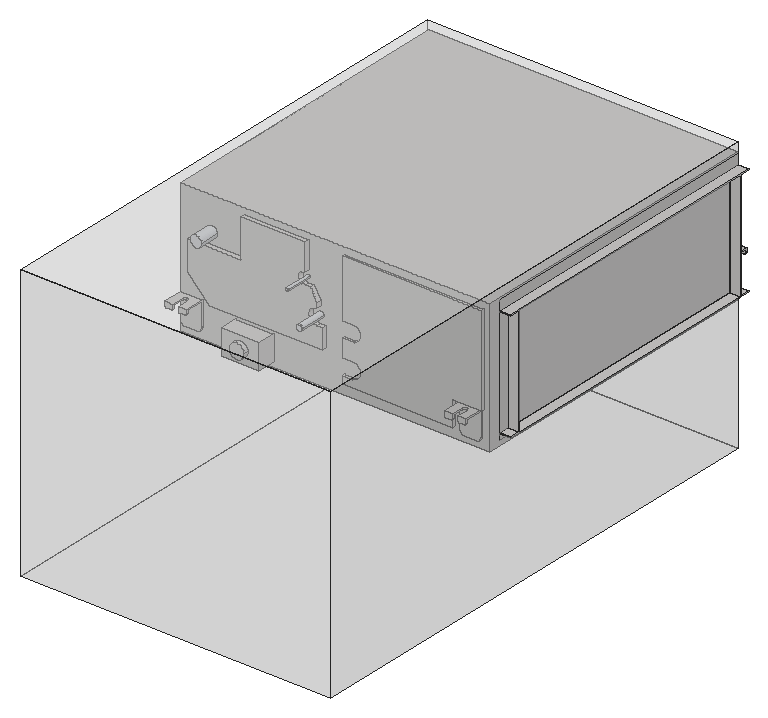
Revit family "outputfile", category 機械設備, Revit 2024
Family settings
  丸型コネクタ寸法 = 半径を使用
  パーツ タイプ = 標準
  OmniClass 番号 = 23.75.10.24.21.27.27
  OmniClass タイトル = Split System Air Conditioning Units
  作業面ベース = いいえ
  常に垂直 = はい
  ロード時にボイドで切り取り = いいえ
  注釈の向きを維持 = いいえ
  共有 = いいえ
  部屋計算ポイント = はい
Parameters (values of type "FXMQ40PAVS")
  Description = ""
  製造元 = "Daikin"
  書き出し IFC クラス(タイプ) = "IfcUnitaryEquipmentType"
  定義済み IFC タイプ(タイプ) = "AIRCONDITIONINGUNIT"
  Cost = 0
  モデル = "FXMQ40PAVS"
  Type Comments = ""
  Keynote = ""
  Type Image = (empty or 0)
  Assembly Code = ""
  r_Liquid Pipe Size = Liquid Pipe Size / 2  # 3.2 mm
  r_Gas Pipe Size = Gas Pipe Size / 2  # 6.35 mm
  r_Drain Pipe Size = Drain Pipe Size / 2  # 12.5 mm
  lw_power = 396.0 mm  # constant formula
  lh_SA = 165.0 mm  # constant formula
  lw_SA = if(Depth = 550.0 mm, 210.0 mm, if(Depth = 700.0 mm, 285.0 mm, if(Depth = 1000.0 mm, 435.0 mm, 635.0 mm)))  # 285.0 mm
  lw_RA = if(Depth = 550.0 mm, 288.0 mm, if(Depth = 700.0 mm, 363.0 mm, if(Depth = 1000.0 mm, 513.0 mm, 713.0 mm)))  # 363.0 mm
  lh_power = 60.0 mm + [h***]  # 60.0 mm
  lh_mountinghole1 = lh_mountinghole + [h***]  # 80.0 mm
  lh_RA = 150.0 mm  # constant formula
  ld_power = Depth / 2  # 350.0 mm
  Voltage_comment_50Hz = "220-240"
  Voltage_50Hz = 220 V
  URL = ""
  Supply Air Direction [instance] = yes
  Sound Power Level_H speed (dB) = 57
  Phase_50Hz = 1
  Minimum External Static Pressure = 30.00 Pa
  Minimum Circuit Amps_50Hz = 1.4 A
  Maximum Fuse Amps_50Hz = 16.0 A
  Maximum External Static Pressure = 160.00 Pa
  Material_Casing = DAIKIN_GalvanizedSteel_Casing_indoorunit
  lw_mountinghole = 631.0 mm  # constant formula
  lh_gaspipe = 144.0 mm + [h***]  # 144.0 mm
  lh_mountinghole = 80.0 mm  # constant formula
  lh_liquidpipe = 212.0 mm + [h***]  # 212.0 mm
  lh_drainpipe = 232.0 mm + [h***]  # 232.0 mm
  lh_antena = Height - lh_mountinghole + 1.0 mm  # 221.0 mm
  ld_drainpipe = Depth / 2 + 54.0 mm  # 404.0 mm
  ld_liquidpipe = 410.0 mm
  ld_gaspipe = 410.0 mm
  ld_mountinghole = Depth + 38.0 mm  # 738.0 mm
  h*** = 0.0 mm  # constant formula
  lw_liquidpipe = 290.0 mm  # constant formula
  lw_gaspipe = 318.0 mm  # constant formula
  lw_drainpipe = 80.0 mm  # constant formula
  Width = 700.0 mm
  Version = "ver.1.0"
  Unit Type = "Middle-High Static Pressure Duct Type"
  Unit Mass Weight = 27.00 kg
  Unit Designation [instance] = ""
  Uniclass2015Version = "Products v1.30"
  Uniclass2015Title = "Variable refrigerant flow units"
  Uniclass2015Code = "Pr_70_65_03_94"
  Total Heating Capacity [instance] = 0.000 kW
  Total Cooling Capacity [instance] = 0.000 kW
  Sound Pressure Level_M speed (dBA) = 0
  Sound Pressure Level_L speed (dBA) = 35
  Sound Pressure Level_H speed (dBA) = 39
  Series = "VRV Fan Coil Unit"
  Sensible Cooling Capacity [instance] = 0.000 kW
  SA Duct Size Width = if(Depth = 550.0 mm, 310.0 mm, if(Depth = 700.0 mm, 460.0 mm, if(Depth = 1000.0 mm, 760.0 mm, 1160.0 mm)))  # 460.0 mm
  SA Duct Size Height = 215.0 mm
  Refrigerant Type = "R410A"
  RA Duct Size Width = if(Depth = 550.0 mm, 475.0 mm, if(Depth = 700.0 mm, 625.0 mm, if(Depth = 1000.0 mm, 925.0 mm, 1325.0 mm)))  # 625.0 mm
  RA Duct Size Height = 247.0 mm
  Power Input (Heating) = 0.182 kW
  Power Input (Cooling) = 0.194 kW
  Option Accessory 3 [instance] = ""
  Option Accessory 2 [instance] = ""
  Option Accessory 1 [instance] = ""
  Nominal Heating Capacity = 5.000 kW
  Nominal Cooling Capacity = 4.500 kW
  Minimum Airflow = 660.00 m³/h
  Median Airflow = 780.00 m³/h
  Maximum Airflow = 960.00 m³/h
  Load Classification = HVAC
  Liquid Pipe Size = 6.4 mm
  Link_Nested Family [instance] = ""
  IfcVersion = "0"
  IfcExportType = "AIRCONDITIONINGUNIT"
  IfcExportAs = "IfcUnitaryEquipmentType"
  Height = 300.0 mm
  Heating Entering Wet Bulb Temperature [instance] = 0.00 °C
  Heating Entering Dry Bulb Temperature [instance] = 0.00 °C
  Heating Ambient Wet Bulb Temperature [instance] = 0.00 °C
  Heating Ambient Dry Bulb Temperature [instance] = 0.00 °C
  Heat Exchanger Type = "Cross Fin Coil"
  Gas Pipe Size = 12.7 mm
  Frequency_50Hz = 50 Hz
  Fan Type = "Sirocco Fan"
  Fan Drive = "Direct Drive"
  FCU Tag No. [instance] = ""
  Drain Pipe Size = 25.0 mm
  Design Supply Airflow [instance] = 0.00 m³/h
  Design Return Airflow [instance] = 0.00 m³/h
  Design External Static Pressure [instance] = 0.00 Pa
  Depth = 700.0 mm
  既定の高さ = 0.0 mm
  Cooling Entering Wet Bulb Temperature [instance] = 0.00 °C
  Cooling Entering Dry Bulb Temperature [instance] = 0.00 °C
  Cooling Ambient Wet Bulb Temperature [instance] = 0.00 °C
  Cooling Ambient Dry Bulb Temperature [instance] = 0.00 °C
  Clearance visibility [instance] = yes
  Clearance Top = 20.0 mm
  Clearance Right = 0.0 mm
  Clearance Rear = 0.0 mm
  Clearance Left = 0.0 mm
  Clearance Front = 450.0 mm
  Clearance Bottom = 300.0 mm
Reference planes
  plane 1 "Center (Front/Back)": y = 0
  plane 2 "h": z = 0
  plane 3 "Center (Left/Right)": x = 0
  plane 4 "Back": y = 350
  plane 5 "Front": y = -350
  plane 6 "Left": x = -350
  plane 7 "Reight": x = 350
  plane 8 "Top": z = 0
  plane 9 "Bottom": z = -300
  plane 10: y = -215
  plane 11: y = 350
  plane 12: y = -800
  plane 13: x = -350
  plane 14: x = 350
  plane 15: z = 20
  plane 16: z = -600
  plane 17: x = -350
  plane 18: z = -135
  plane 19: x = -349
  plane 20: x = 349
  plane 21: y = 65
  plane 22: y = 13
  plane 23: z = -150
  plane 24: y = -360.8
  plane 25: z = -14
  plane 26: z = -219
  plane 27: x = -324
  plane 28: x = -60
  plane 29: x = -20
  plane 30: z = -156
  plane 31: x = -32
  plane 32: z = -88
  plane 33: x = 23
  plane 34: x = 335
  plane 35: z = -15.8
  plane 36: z = -274.8
  plane 37: z = -219.8
  plane 38: x = 271
  plane 39: x = -223.3
  plane 40: x = -138.3
  plane 41: z = -232.7
  plane 42: z = -288.5
  plane 43: y = -391
  plane 44: x = -181
  plane 45: z = -260
  plane 46: y = -401
  plane 47: z = -163.8
  plane 48: z = -239.8
  plane 49: x = 46
  plane 50: z = -88
  plane 51: x = -60
  plane 52: y = -410
  plane 53: z = -156
  plane 54: x = -32
  plane 55: y = -404
  plane 56: z = -68
  plane 57: x = -270
  plane 58: x = -270
  plane 59: x = -60
  plane 60: x = -32
  plane 61: x = 46
  plane 62: x = -323
  plane 63: x = 308
  plane 64: y = -369
  plane 65: y = 369
  plane 66: z = -220
  plane 67: y = -356
  plane 68: x = -204
  plane 69: z = -100.2
  plane 70: x = -374
  plane 71: x = 374
Forms (mm)
  Extrusion 1, solid, material "DAIKIN_GalvanizedSteel_Casing_indoorunit" <- "Material_Casing"
    sketch origin (0, 0, 0) x (1, 0, 0) y (0, 1, 0)
      loop
        line (-349, 350) -> (-349, -350) -> (349, -350) -> (349, 350) -> (-349, 350)
    from -300 to 0
  Extrusion 2, solid, material "DAIKIN_GalvanizedSteel_Casing_indoorunit" <- "Material_Casing"
    sketch origin (0, 0, 0) x (1, 0, 0) y (0, 0, 1)
      loop
        line (-324, -100.2) -> (-324, -168) -> (-273, -219) -> (-20, -219) -> (-20, -173.5) -> (-32, -173.5)
        arc (-32, -173.5) -> (-49.5, -156) -> (-32, -138.5) r 17.5
        line (-32, -138.5) -> (-32, -127.5) -> (-47, -101) -> (-60, -101)
        arc (-60, -101) -> (-73, -88) -> (-60, -75) r 13
        line (-60, -75) -> (-60, -14) -> (-204, -14) -> (-204, -100.2) -> (-324, -100.2)
    from 350 to 360.8
  Extrusion 3, solid, material "DAIKIN_GalvanizedSteel_Casing_indoorunit" <- "Material_Casing"
    sketch origin (0, 0, 0) x (1, 0, 0) y (0, 0, 1)
      loop
        line (23, -274.8) -> (271, -274.8) -> (271, -219.8) -> (335, -219.8) -> (335, -15.8) -> (23, -15.8) -> (23, -146.3) -> (46, -146.3)
        arc (46, -146.3) -> (63.5, -163.8) -> (46, -181.3) r 17.5
        line (46, -181.3) -> (23, -181.3) -> (23, -222.3) -> (46, -222.3)
        arc (46, -222.3) -> (63.5, -239.8) -> (46, -257.3) r 17.5
        line (46, -257.3) -> (23, -257.3) -> (23, -274.8)
    from 350 to 356
  Extrusion 4, solid, material "DAIKIN_GalvanizedSteel_Casing_indoorunit" <- "Material_Casing"
    sketch origin (0, 0, 0) x (1, 0, 0) y (0, 0, 1)
      loop
        line (-223.3, -232.7) -> (-223.3, -288.5) -> (-138.3, -288.5) -> (-138.3, -232.7) -> (-223.3, -232.7)
    from 350 to 391
  Extrusion 5, solid, material "DAIKIN_GalvanizedSteel_Casing_indoorunit" <- "Material_Casing"
    sketch origin (0, 0, 0) x (1, 0, 0) y (0, 0, 1)
      loop
        circle (-181, -260) r 16.5
    from 391 to 401
  Extrusion 6, solid
    sketch origin (0, 0, 0) x (1, 0, 0) y (0, 0, 1)
      loop
        circle (-60, -88) r 3.2
    from 350 to 410
  Extrusion 7, solid
    sketch origin (0, 0, 0) x (1, 0, 0) y (0, 0, 1)
      loop
        circle (-32, -156) r 6.35
    from 350 to 410
  Extrusion 8, solid
    sketch origin (0, 0, 0) x (1, 0, 0) y (0, 0, 1)
      loop
        circle (-270, -68) r 12.5
    from 360.8 to 404
Dimensions and locks
  "Height": plane 8 "Top" to plane 9 "Bottom"
  equal spacing: plane 4 "Back", plane 1 "Center (Front/Back)", plane 5 "Front"
  "Depth": plane 4 "Back" to plane 5 "Front"
  equal spacing: plane 6 "Left", plane 3 "Center (Left/Right)", plane 7 "Reight"
  "Width": plane 6 "Left" to plane 7 "Reight"
  "Clearance Left": plane 13 to plane 6 "Left"
  "Clearance Right": plane 7 "Reight" to plane 14
  "Clearance Rear": plane 11 to plane 4 "Back"
  "Clearance Front": plane 5 "Front" to plane 12
  "Clearance Top": plane 15 to plane 8 "Top"
  "Clearance Bottom": plane 9 "Bottom" to plane 16
  "lh_SA": plane 18 to plane 9 "Bottom"
  locked: plane 17 to plane 19 at 1
  locked: plane 20 to plane 14 at 1
  "lw_SA": plane 11 to plane 21
  "lw_RA": plane 22 to plane 5 "Front"
  "lh_RA": plane 23 to plane 9 "Bottom"
  locked: plane 5 "Front" to plane 24 at 10.8
  plane 29 to plane 28 to plane 27 to plane 6 "Left" = 40.0 mm, 264.0 mm, 26.0 mm
  locked: plane 31 to plane 6 "Left" at 318
  plane 34 to plane 33 to plane 6 "Left" = 312.0 mm locked, 373.0 mm locked
  locked: plane 34 to plane 38 at 64
  locked: plane 37 to plane 36 at 55
  plane 40 to plane 39 to plane 6 "Left" = 85.0 mm locked, 126.7 mm locked
  locked: plane 5 "Front" to plane 43 at 41
  locked: plane 44 to plane 6 "Left" at 169
  locked: plane 43 to plane 46 at 10
  plane 47 to plane 48 to plane 36 = 76.0 mm locked, 35.0 mm locked
  locked: plane 49 to plane 33 at 23
  "lw_liquidpipe": plane 51 to plane 6 "Left"
  "lh_liquidpipe": plane 50 to plane 9 "Bottom"
  "lh_gaspipe": plane 53 to plane 9 "Bottom"
  "lw_gaspipe": plane 54 to plane 6 "Left"
  "ld_gaspipe": plane 52 to plane 1 "Center (Front/Back)"
  "ld_drainpipe": plane 55 to plane 1 "Center (Front/Back)"
  "lh_drainpipe": plane 56 to plane 9 "Bottom"
  "lw_drainpipe": plane 57 to plane 6 "Left"
  "lw_drainpipe": plane 6 "Left" to plane 58
  "lw_liquidpipe": plane 6 "Left" to plane 59
  "lw_gaspipe": plane 6 "Left" to plane 60
  "lw_power": plane 6 "Left" to plane 61
  plane 17 to plane 62 = 27.0 mm
  "lw_mountinghole": plane 62 to plane 63
  equal spacing: plane 64, plane 1 "Center (Front/Back)", plane 65
  "ld_mountinghole": plane 65 to plane 64
  "lh_mountinghole": plane 66 to plane 9 "Bottom"
  plane 8 "Top" to plane 41 to plane 42 = 232.7 mm locked, 55.8 mm locked
  locked: plane 8 "Top" to plane 45 at 260
  plane 8 "Top" to plane 25 to plane 26 = 14.0 mm locked, 205.0 mm locked
  plane 8 "Top" to plane 32 to plane 30 = 88.0 mm locked, 68.0 mm locked
  plane 8 "Top" to plane 35 to plane 36 = 15.8 mm locked, 259.0 mm locked
  locked: plane 5 "Front" to plane 67 at 6
  locked: plane 25 to plane 69 at 86.2
  locked: plane 27 to plane 68 at 120
  locked: plane 70 to plane 6 "Left" at 24
  locked: plane 14 to plane 71 at 24
  "r_Liquid Pipe Size": radius of Extrusion 6 sketch curve
  "r_Gas Pipe Size": radius of Extrusion 7 sketch curve
  "r_Drain Pipe Size": radius of Extrusion 8 sketch curve
  aligned and locked: level to plane 2 "h"
  aligned and locked: plane 8 "Top" to Extrusion 1
  aligned and locked: Extrusion 1 to plane 9 "Bottom"
  aligned and locked: nested 5 to plane 12
  aligned and locked: plane 13 to nested 5
  aligned and locked: plane 14 to nested 5
  aligned and locked: nested 5 to plane 13
  aligned and locked: plane 11 to nested 5
  aligned and locked: plane 15 to nested 5
  aligned and locked: plane 16 to nested 5
  aligned and locked: plane 5 "Front" to Extrusion 1 sketch curve
  aligned and locked: Extrusion 1 to plane 19
  aligned and locked: plane 20 to Extrusion 1
  aligned and locked: nested 7 to plane 19
  aligned and locked: nested 7 to plane 21
  aligned and locked: plane 18 to nested 7
  aligned and locked: plane 20 to nested 8
  aligned and locked: plane 22 to nested 8
  aligned and locked: plane 23 to nested 8
  aligned and locked: Extrusion 2 to plane 24
  aligned and locked: plane 5 "Front" to Extrusion 2
  aligned and locked: plane 36 to Extrusion 3 sketch curve
  aligned and locked: plane 38 to Extrusion 3 sketch curve
  aligned and locked: plane 37 to Extrusion 3 sketch curve
  aligned and locked: Extrusion 3 sketch curve to plane 34
  aligned and locked: Extrusion 3 sketch curve to plane 35
  aligned and locked: Extrusion 3 sketch curve to plane 33
  aligned and locked: plane 5 "Front" to Extrusion 3
  aligned and locked: Extrusion 4 sketch curve to plane 41
  aligned and locked: Extrusion 4 sketch curve to plane 39
  aligned and locked: plane 42 to Extrusion 4 sketch curve
  aligned and locked: plane 40 to Extrusion 4 sketch curve
  aligned and locked: Extrusion 4 to plane 43
  aligned and locked: plane 5 "Front" to Extrusion 4
  aligned and locked: Extrusion 5 sketch curve to plane 44
  aligned and locked: plane 45 to Extrusion 5 sketch curve
  aligned and locked: Extrusion 5 to plane 46
  aligned and locked: plane 43 to Extrusion 5
  aligned and locked: Extrusion 6 sketch curve to plane 51
  aligned and locked: plane 50 to Extrusion 6 sketch curve
  aligned and locked: Extrusion 6 to plane 52
  aligned and locked: plane 5 "Front" to Extrusion 6
  aligned and locked: Extrusion 7 sketch curve to plane 54
  aligned and locked: plane 53 to Extrusion 7 sketch curve
  aligned and locked: Extrusion 7 to Extrusion 6
  aligned and locked: plane 5 "Front" to Extrusion 7
  aligned and locked: Extrusion 8 sketch curve to plane 57
  aligned and locked: plane 56 to Extrusion 8 sketch curve
  aligned and locked: Extrusion 8 to plane 55
  aligned and locked: plane 24 to Extrusion 8
  aligned and locked: nested 3 to plane 55
  aligned and locked: plane 58 to nested 3
  aligned and locked: nested 2 to plane 59
  aligned and locked: nested 2 to plane 52
  aligned and locked: nested 1 to plane 60
  aligned and locked: Extrusion 7 to plane 52
  aligned and locked: nested 1 to plane 52
  aligned and locked: nested 6 to plane 5 "Front"
  aligned and locked: nested 6 to plane 61
  aligned and locked: plane 62 to nested 10
  aligned and locked: nested 10 to plane 5 "Front"
  aligned and locked: plane 63 to nested 9
  aligned and locked: nested 9 to plane 5 "Front"
  aligned and locked: nested 11 to plane 62
  aligned and locked: plane 4 "Back" to nested 11
  aligned and locked: nested 12 to plane 63
  aligned and locked: plane 4 "Back" to nested 12
  aligned and locked: plane 66 to nested 10
  aligned and locked: plane 66 to nested 11
  aligned and locked: plane 66 to nested 9
  aligned and locked: plane 66 to nested 12
  aligned and locked: plane 62 to nested 14
  aligned and locked: nested 14 to plane 65
  aligned and locked: plane 63 to nested 13
  aligned and locked: nested 13 to plane 65
  aligned and locked: plane 63 to nested 16
  aligned and locked: plane 64 to nested 16
  aligned and locked: plane 64 to nested 15
  aligned and locked: plane 62 to nested 15
  aligned and locked: Extrusion 3 to plane 67
  aligned and locked: Extrusion 2 sketch curve to plane 68
  aligned and locked: plane 69 to Extrusion 2 sketch curve
  aligned and locked: nested 17 to plane 21
  aligned and locked: nested 17 to plane 70
  aligned and locked: plane 18 to nested 17
  aligned and locked: plane 22 to nested 18
  aligned and locked: plane 71 to nested 18
  aligned and locked: nested 18 to plane 23
  aligned and locked: nested 4 to plane 3 "Center (Left/Right)"
  aligned and locked: plane 1 "Center (Front/Back)" to nested 4
  aligned and locked: level to plane 8 "Top"
Automatic sketch dimensions
  plane 6 "Left" to Extrusion 1 sketch curve = 1.0 mm
  Extrusion 1 sketch curve to plane 7 "Reight" = 1.0 mm
  Extrusion 1 sketch curve to plane 4 "Back" = 0.0 mm
  Extrusion 3 sketch curve to plane 33 = 0.0 mm  (x2)
  Extrusion 3 sketch curve to plane 47 = 0.0 mm
  Extrusion 3 sketch curve to plane 49 = 0.0 mm  (x4)
  Extrusion 3 sketch curve to plane 48 = 0.0 mm
  Extrusion 3 sketch curve to plane 37 = 2.5 mm
  plane 23 to Extrusion 3 sketch curve = 3.7 mm
  plane 27 to Extrusion 2 sketch curve = 0.0 mm
  Extrusion 2 sketch curve to plane 26 = 0.0 mm
  Extrusion 2 sketch curve to plane 28 = 0.0 mm
  Extrusion 2 sketch curve to plane 31 = 0.0 mm
  Extrusion 2 sketch curve to plane 29 = 0.0 mm
  Extrusion 2 sketch curve to plane 30 = 0.0 mm
  Extrusion 2 sketch curve to plane 32 = 0.0 mm
  Extrusion 2 sketch curve to plane 25 = 0.0 mm
  Extrusion 2 sketch curve to Extrusion 2 sketch curve = 13.0 mm
  Extrusion 2 sketch curve to Extrusion 2 sketch curve = 17.5 mm
  plane 18 to Extrusion 2 sketch curve = 7.5 mm
  Extrusion 2 sketch curve to plane 58 = 3.0 mm
  Extrusion 2 sketch curve to plane 30 = 12.0 mm
  Extrusion 2 sketch curve to Extrusion 2 sketch curve = 0.8 mm
  radius of Extrusion 5 sketch curve = 16.5 mm
Nested families
  nested 1: "daikin_connector_rotate2" at (-32, 0, -156), length <- "ld_gaspipe", built-in parameter 1001364 <- "lh_gaspipe", radius <- "r_Gas Pipe Size", type "daikin_connector_rotate2"
    with radius 6.35 mm, length 410.0 mm, angle_vertical 90.00°
  nested 2: "daikin_connector_rotate2" at (-60, 0, -88), length <- "ld_liquidpipe", built-in parameter 1001364 <- "lh_liquidpipe", radius <- "r_Liquid Pipe Size", type "daikin_connector_rotate2"
    with radius 3.2 mm, length 410.0 mm, angle_vertical 90.00°
  nested 3: "daikin_connector_rotate2" at (-270, 0, -68), length <- "ld_drainpipe", built-in parameter 1001364 <- "lh_drainpipe", radius <- "r_Drain Pipe Size", type "daikin_connector_rotate2"
    with radius 12.5 mm, length 404.0 mm, angle_vertical 90.00°
  nested 4: "daikin_△_symbolicline" at (0, 0, 300) x (0, -1, 0) z (0, 0, 1), built-in parameter 1001364 <- "Height", visible <- "Supply Air Direction", type "daikin_△_symbolicline"
    with length 200.0 mm
  nested 5: "daikin_clearancespace" at (0, -225, -289.881), visible <- "Clearance visibility", show <- "Clearance visibility", Link_Nested Family <- "Link_Nested Family", type "daikin_clearancespace"
    with width 700.0 mm, show yes, height 620.0 mm, depth 1150.0 mm, Link_Nested Family ""
  nested 6: "daikin_connector_rotate2" at (46, 0, -240), built-in parameter 1001364 <- "lh_power", length <- "ld_power", type "daikin_connector_rotate2"
    with radius 10.0 mm, length 350.0 mm, angle_vertical 90.00°
  nested 7: "daikin_ductflange_FXMQ-PAVS2" at (-349, 65, -135) x (0, -1, 0) z (0, 0, 1), type "daikin_ductflange_FXMQ-PAVS2"
    with width 460.0 mm, w 700.0 mm
  nested 8: "daikin_ductflange_FXMQ-PAVS" at (349, 13, -150) x (0, 1, 0) z (0, 0, 1), type "daikin_ductflange_FXMQ-PAVS"
    with width 625.0 mm, w 700.0 mm
  nested 9: "daikin_hangerfixture_FXMQ-PAVS" at (308, -350, -220), type "daikin_hangerfixture_FXMQ-PAVS"
  nested 10: "daikin_hangerfixture_FXMQ-PAVS" at (-323, -350, -220), type "daikin_hangerfixture_FXMQ-PAVS"
  nested 11: "daikin_hangerfixture_FXMQ-PAVS" at (-323, 350, -220) x (-1, 0, 0) z (0, 0, 1), type "daikin_hangerfixture_FXMQ-PAVS"
  nested 12: "daikin_hangerfixture_FXMQ-PAVS" at (308, 350, -220) x (-1, 0, 0) z (0, 0, 1), type "daikin_hangerfixture_FXMQ-PAVS"
  nested 13: "daikin_mountinghole" at (308, 369, -300), h_mountinghole <- "lh_mountinghole1", l_antenna <- "lh_antena", Link_Nested Family <- "Link_Nested Family", type "daikin_mountinghole"
    with show yes, l_antenna 221.0 mm, h_mountinghole 80.0 mm, Link_Nested Family ""
  nested 14: "daikin_mountinghole" at (-323, 369, -300), h_mountinghole <- "lh_mountinghole1", l_antenna <- "lh_antena", Link_Nested Family <- "Link_Nested Family", type "daikin_mountinghole"
    with show yes, l_antenna 221.0 mm, h_mountinghole 80.0 mm, Link_Nested Family ""
  nested 15: "daikin_mountinghole" at (-323, -369, -300), h_mountinghole <- "lh_mountinghole1", l_antenna <- "lh_antena", Link_Nested Family <- "Link_Nested Family", type "daikin_mountinghole"
    with show yes, l_antenna 221.0 mm, h_mountinghole 80.0 mm, Link_Nested Family ""
  nested 16: "daikin_mountinghole" at (308, -369, -300), h_mountinghole <- "lh_mountinghole1", l_antenna <- "lh_antena", Link_Nested Family <- "Link_Nested Family", type "daikin_mountinghole"
    with show yes, l_antenna 221.0 mm, h_mountinghole 80.0 mm, Link_Nested Family ""
  nested 17: "daikin_connector_rotate2" at (-350, 65, -135) x (0, -1, 0) z (0, 0, 1), type "daikin_connector_rotate2"
    with radius 10.0 mm, length 24.0 mm, angle_vertical 90.00°
  nested 18: "daikin_connector_rotate2" at (350, 13, -150) x (0, 1, 0) z (0, 0, 1), type "daikin_connector_rotate2"
    with radius 10.0 mm, length 24.0 mm, angle_vertical 90.00°
Connectors
  piping at (-270, -404, -68), diameter 25, driven by "r_Drain Pipe Size"
    settings: on nested 3, index 3, connector inside diameter 609.6 mm, connector length 0.0 mm, flow factor 0, pipe flow 0.00 m³/h, pressure drop 0.0 Pa, fitting loss kfactor 0, connector angle 0.00°, fixture units 0, engagement length 0.0 mm, angle of deflection 0.00°, flow configuration 1, flow direction 2, fitting loss method 4, system type 16, joint type 0, gender type 0, connector reference index -1, connector utility 0, adjustable connector no, is connector primary yes, connector description "Condensate Drain Piping"
  piping at (-32, -410, -156), diameter 12.7, driven by "r_Gas Pipe Size"
    settings: on nested 1, index 4, connector inside diameter 609.6 mm, connector length 0.0 mm, flow factor 0, pipe flow 0.00 m³/h, pressure drop 0.0 Pa, fitting loss kfactor 0, connector angle 0.00°, fixture units 0, engagement length 0.0 mm, angle of deflection 0.00°, flow configuration 1, flow direction 2, fitting loss method 0, system type 29, joint type 0, gender type 0, connector reference index -1, connector utility 0, adjustable connector no, is connector primary no, connector description "Refrigerant Gas Piping"
  piping at (-60, -410, -88), diameter 6.4, driven by "r_Liquid Pipe Size"
    settings: on nested 2, index 5, connector inside diameter 609.6 mm, connector length 0.0 mm, flow factor 0, pipe flow 0.00 m³/h, pressure drop 0.0 Pa, fitting loss kfactor 0, connector angle 0.00°, fixture units 0, engagement length 0.0 mm, angle of deflection 0.00°, flow configuration 1, flow direction 1, fitting loss method 0, system type 29, joint type 0, gender type 0, connector reference index -1, connector utility 0, adjustable connector no, is connector primary no, connector description "Refrigerant Liquid Piping"
  electrical at (46, -350, -240), driven by "Load Classification"
    settings: on nested 6, index 6, voltage 0 V, apparent load 0 VA, apparent load phase1 0 VA, apparent load phase2 0 VA, apparent load phase3 0 VA, power factor 1, load classification "HVAC", number of poles 1, system type 30, power factor state 1, is connector primary yes, connector utility no, sub classification motor no, connector description "Power Supply"
  hvac at (-374, 65, -135), driven by "SA Duct Size Height", driven by "SA Duct Size Width"
    settings: on nested 17, index 7, duct flow 0.00 m³/h, flow factor 0, pres drop 0.00 Pa, loss coef 0, conn angle 0.00°, conn width 460.0 mm, conn height 215.0 mm, conn diameter 609.6 mm, duct sys type 1, conn prof type 1, flow config 0, flow direction 2, loss method 4, conn ref index -1, conn util no, is conn primary yes, conn desc "SA Duct"
  hvac at (374, 13, -150), driven by "RA Duct Size Height", driven by "RA Duct Size Width"
    settings: on nested 18, index 8, duct flow 0.00 m³/h, flow factor 0, pres drop 0.00 Pa, loss coef 0, conn angle 0.00°, conn width 625.0 mm, conn height 247.0 mm, conn diameter 609.6 mm, duct sys type 2, conn prof type 1, flow config 0, flow direction 1, loss method 4, conn ref index -1, conn util no, is conn primary no, conn desc "RA Duct"
Definition of nested family "daikin_clearancespace"
  Parameters (values of type "daikin_clearancespace")
    width [instance] = 1823.963 mm
    show [instance] = yes
    material = none
    height [instance] = 1359.762 mm
    depth [instance] = 880.0 mm
    Default Elevation = 0.0 mm
    Link_Nested Family [instance] = ""
  Reference planes
    plane 1 "Center (Front/Back)": y = 0
    plane 2 "Center (Elevation)": z = -0.119
    plane 3 "Center (Left/Right)": x = 0
    plane 4: y = 440
    plane 5: y = -440
    plane 6 "Right": x = 911.982
    plane 7 "Left": x = -911.982
    plane 8 "Top": z = 679.762
    plane 9 "Bottom": z = -680
  Forms (mm)
    Extrusion 1, solid, material <- "material", visible <- "show"
      sketch origin (0, 0, 0) x (1, 0, 0) y (0, 1, 0)
        loop
          line (-911.982, 440) -> (-911.982, -440) -> (911.982, -440) -> (911.982, 440) -> (-911.982, 440)
      from -680 to 679.762
  Lines and regions (mm)
    symbolic lines, visible <- "show"
      curve 1: line (911.982, 440, 0) -> (-911.982, 440, 0)
      curve 2: line (-911.982, 440, 0) -> (-911.982, -440, 0)
      curve 3: line (-911.982, -440, 0) -> (911.982, -440, 0)
      curve 4: line (911.982, -440, 0) -> (911.982, 440, 0)
      curve 5: line (911.982, 0, 679.762) -> (-911.982, 0, 679.762)
      curve 6: line (911.982, 0, -680) -> (911.982, 0, 679.762)
      curve 7: line (-911.982, 0, -680) -> (911.982, 0, -680)
      curve 8: line (-911.982, 0, 679.762) -> (-911.982, 0, -680)
      curve 9: line (0, 440, 679.762) -> (0, -440, 679.762)
      curve 10: line (0, -440, 679.762) -> (0, -440, -680)
      curve 11: line (0, 440, -680) -> (0, 440, 679.762)
      curve 12: line (0, -440, -680) -> (0, 440, -680)
  Dimensions and locks
    "width": plane 7 "Left" to plane 6 "Right"
    "depth": plane 4 to plane 5
    "height": plane 8 "Top" to plane 9 "Bottom"
    equal spacing: plane 7 "Left", plane 3 "Center (Left/Right)", plane 6 "Right"
    equal spacing: plane 4, plane 1 "Center (Front/Back)", plane 5
    equal spacing: plane 8 "Top", plane 2 "Center (Elevation)", plane 9 "Bottom"
    aligned and locked: level to plane 2 "Center (Elevation)"
    aligned and locked: Extrusion 1 sketch curve to plane 4
    aligned and locked: plane 7 "Left" to Extrusion 1 sketch curve
    aligned and locked: Extrusion 1 sketch curve to plane 5
    aligned and locked: Extrusion 1 sketch curve to plane 6 "Right"
    aligned and locked: plane 8 "Top" to Extrusion 1
    aligned and locked: curve 1 to Extrusion 1
    aligned and locked: curve 2 to Extrusion 1
    aligned and locked: curve 3 to Extrusion 1
    aligned and locked: curve 4 to Extrusion 1
    aligned and locked: curve 5 to Extrusion 1
    aligned and locked: curve 6 to Extrusion 1
    aligned and locked: curve 7 to Extrusion 1
    aligned and locked: curve 8 to Extrusion 1
    aligned and locked: curve 9 to Extrusion 1
    aligned and locked: curve 10 to Extrusion 1
    aligned and locked: curve 11 to Extrusion 1
    aligned and locked: curve 12 to Extrusion 1
    aligned and locked: Extrusion 1 to plane 9 "Bottom"
Definition of nested family "daikin_ductflange_FXMQ-PAVS2"
  Parameters (values of type "daikin_ductflange_FXDSQ-AVM2")
    width = if(w = 550.0 mm, 310.0 mm, if(w = 700.0 mm, 460.0 mm, if(w = 1000.0 mm, 760.0 mm, 1160.0 mm)))  # 310.0 mm
    material = none
    height = 215.0 mm
    depth = 1.0 mm
    w = 550.0 mm
    Default Elevation = 0.0 mm
  Reference planes
    plane 1 "Center (Front/Back)": y = 0
    plane 2: z = 0
    plane 3 "Center (Left/Right)": x = 0
    plane 4: z = 107.5
    plane 5: z = -107.5
    plane 6: y = -25
    plane 7: z = 132.5
    plane 8: z = 108.5
    plane 9: y = -1
    plane 10: x = -177.5
    plane 11: x = 177.5
    plane 12: z = -132.5
    plane 13: z = -108.5
    plane 14: y = -1
    plane 15: x = 155
    plane 16: x = -155
    plane 17: x = 156
    plane 18: z = 106.5
    plane 19: z = -106.5
    plane 20: x = -156
    plane 21: z = 106.5
    plane 22: z = -106.5
    plane 23: y = -1
  Forms (mm)
    Extrusion 1, solid, material <- "material"
      sketch origin (0, 0, 0) x (0, 1, 0) y (0, 0, 1)
        loop
          line (-25, 107.5) -> (0, 107.5) -> (0, 132.5) -> (-1, 132.5) -> (-1, 108.5) -> (-25, 108.5) -> (-25, 107.5)
      from -177.5 to 177.5
    Extrusion 2, solid, material <- "material"
      sketch origin (0, 0, 0) x (0, 1, 0) y (0, 0, 1)
        loop
          line (-25, -107.5) -> (-25, -108.5) -> (-1, -108.5) -> (-1, -132.5) -> (0, -132.5) -> (0, -107.5) -> (-25, -107.5)
      from -177.5 to 177.5
    Extrusion 3, solid, material <- "material"
      sketch origin (0, 0, 0) x (1, 0, 0) y (0, 0, 1)
        loop
          line (155, 107.5) -> (155, -107.5) -> (177.5, -107.5) -> (177.5, -106.5) -> (156, -106.5) -> (156, 106.5) -> (177.5, 106.5) -> (177.5, 107.5) -> (155, 107.5)
      from 0 to 25
    Extrusion 4, solid, material <- "material"
      sketch origin (0, 0, 0) x (1, 0, 0) y (0, 0, 1)
        loop
          line (-177.5, 107.5) -> (-177.5, 106.5) -> (-156, 106.5) -> (-156, -106.5) -> (-177.5, -106.5) -> (-177.5, -107.5) -> (-155, -107.5) -> (-155, 107.5) -> (-177.5, 107.5)
      from 0 to 25
    Extrusion 5, solid, material <- "material"
      sketch origin (0, 0, 0) x (1, 0, 0) y (0, 0, 1)
        loop
          line (-177.5, 107.5) -> (-177.5, -107.5) -> (-155, -107.5) -> (-155, 107.5) -> (-177.5, 107.5)
        loop
          line (177.5, 107.5) -> (155, 107.5) -> (155, -107.5) -> (177.5, -107.5) -> (177.5, 107.5)
      from 0 to 1
  Cuts and joins
    joined: Extrusion 1, Extrusion 2, Extrusion 3, Extrusion 4, Extrusion 5
  Dimensions and locks
    plane 4 to level to plane 5 = 107.5 mm locked, 107.5 mm locked
    locked: plane 6 to plane 1 "Center (Front/Back)" at 25
    locked: plane 9 to plane 1 "Center (Front/Back)" at 1
    locked: plane 8 to plane 4 at 1
    locked: plane 11 to plane 15 at 22.5
    locked: plane 16 to plane 10 at 22.5
    locked: plane 17 to plane 15 at 1
    locked: plane 4 to plane 18 at 1
    locked: plane 19 to plane 5 at 1
    "width": plane 15 to plane 16
    plane 4 to plane 5 = 215.0 mm
    equal spacing: plane 15, plane 3 "Center (Left/Right)", plane 16
    locked: plane 16 to plane 20 at 1
    locked: plane 4 to plane 21 at 1
    locked: plane 22 to plane 5 at 1
    locked: plane 23 to plane 1 "Center (Front/Back)" at 1
    aligned and locked: level to plane 2
    aligned and locked: Extrusion 1 to plane 10
    aligned and locked: plane 11 to Extrusion 1
    aligned and locked: plane 5 to Extrusion 2
    aligned and locked: Extrusion 2 to plane 1 "Center (Front/Back)"
    aligned and locked: plane 15 to Extrusion 3 sketch curve
    aligned and locked: Extrusion 3 sketch curve to Extrusion 2  (x2)
    aligned and locked: Extrusion 3 sketch curve to plane 11
    aligned and locked: plane 6 to Extrusion 3
    aligned and locked: Extrusion 2 to plane 10
    aligned and locked: plane 11 to Extrusion 2
    aligned and locked: Extrusion 4 sketch curve to Extrusion 1  (x2)
    aligned and locked: plane 5 to Extrusion 4 sketch curve
    aligned and locked: Extrusion 4 sketch curve to plane 16
    aligned and locked: Extrusion 4 sketch curve to plane 22
    aligned and locked: plane 20 to Extrusion 4 sketch curve
    aligned and locked: plane 21 to Extrusion 4 sketch curve
    aligned and locked: Extrusion 4 to plane 1 "Center (Front/Back)"
    aligned and locked: plane 6 to Extrusion 4
    aligned and locked: Extrusion 5 sketch curve to Extrusion 1  (x4)
    aligned and locked: Extrusion 5 sketch curve to Extrusion 4  (x2)
    aligned and locked: Extrusion 5 sketch curve to Extrusion 3  (x2)
    aligned and locked: Extrusion 5 to plane 1 "Center (Front/Back)"
    aligned and locked: plane 23 to Extrusion 5
  Automatic sketch dimensions
    Extrusion 1 sketch curve to plane 6 = 0.0 mm
    Extrusion 1 sketch curve to plane 7 = 0.0 mm
    Extrusion 1 sketch curve to plane 9 = 0.0 mm
    Extrusion 1 sketch curve to plane 1 "Center (Front/Back)" = 0.0 mm
    Extrusion 1 sketch curve to plane 4 = 0.0 mm
    Extrusion 1 sketch curve to plane 8 = 0.0 mm
    Extrusion 2 sketch curve to plane 6 = 0.0 mm
    plane 12 to Extrusion 2 sketch curve = 0.0 mm
    Extrusion 2 sketch curve to plane 14 = 0.0 mm
    Extrusion 2 sketch curve to plane 1 "Center (Front/Back)" = 0.0 mm
    plane 13 to Extrusion 2 sketch curve = 0.0 mm
    Extrusion 2 sketch curve to plane 5 = 0.0 mm
    Extrusion 3 sketch curve to plane 17 = 0.0 mm
    Extrusion 3 sketch curve to plane 19 = 0.0 mm
    Extrusion 3 sketch curve to plane 18 = 0.0 mm
    Extrusion 3 sketch curve to plane 4 = 0.0 mm
    Extrusion 4 sketch curve to plane 10 = 0.0 mm
Definition of nested family "daikin_ductflange_FXMQ-PAVS"
  Parameters (values of type "daikin_ductflange_FXDSQ-AVM")
    width = if(w = 550.0 mm, 475.0 mm, if(w = 700.0 mm, 625.0 mm, if(w = 1000.0 mm, 925.0 mm, 1325.0 mm)))  # 475.0 mm
    material = none
    height = 247.0 mm
    depth = 1.0 mm
    w = 550.0 mm
    Default Elevation = 0.0 mm
  Reference planes
    plane 1 "Center (Front/Back)": y = 0
    plane 2: z = 0
    plane 3 "Center (Left/Right)": x = 0
    plane 4: z = 123.5
    plane 5: z = -123.5
    plane 6: y = -25
    plane 7: z = 146.5
    plane 8: z = 124.5
    plane 9: y = -1
    plane 10: x = -260
    plane 11: x = 260
    plane 12: z = -137
    plane 13: z = -124.5
    plane 14: y = -1
    plane 15: x = 237.5
    plane 16: x = -237.5
    plane 17: x = 238.5
    plane 18: z = 122.5
    plane 19: z = -122.5
    plane 20: x = -238.5
    plane 21: z = 122.5
    plane 22: z = -122.5
    plane 23: y = -1
  Forms (mm)
    Extrusion 1, solid, material <- "material"
      sketch origin (0, 0, 0) x (0, 1, 0) y (0, 0, 1)
        loop
          line (-25, 123.5) -> (0, 123.5) -> (0, 146.5) -> (-1, 146.5) -> (-1, 124.5) -> (-25, 124.5) -> (-25, 123.5)
      from -260 to 260
    Extrusion 2, solid, material <- "material"
      sketch origin (0, 0, 0) x (0, 1, 0) y (0, 0, 1)
        loop
          line (-25, -123.5) -> (-25, -124.5) -> (-1, -124.5) -> (-1, -137) -> (0, -137) -> (0, -123.5) -> (-25, -123.5)
      from -260 to 260
    Extrusion 3, solid, material <- "material"
      sketch origin (0, 0, 0) x (1, 0, 0) y (0, 0, 1)
        loop
          line (237.5, 123.5) -> (237.5, -123.5) -> (260, -123.5) -> (260, -122.5) -> (238.5, -122.5) -> (238.5, 122.5) -> (260, 122.5) -> (260, 123.5) -> (237.5, 123.5)
      from 0 to 25
    Extrusion 4, solid, material <- "material"
      sketch origin (0, 0, 0) x (1, 0, 0) y (0, 0, 1)
        loop
          line (-260, 123.5) -> (-260, 122.5) -> (-238.5, 122.5) -> (-238.5, -122.5) -> (-260, -122.5) -> (-260, -123.5) -> (-237.5, -123.5) -> (-237.5, 123.5) -> (-260, 123.5)
      from 0 to 25
    Extrusion 5, solid, material <- "material"
      sketch origin (0, 0, 0) x (1, 0, 0) y (0, 0, 1)
        loop
          line (-260, 123.5) -> (-260, -123.5) -> (-237.5, -123.5) -> (-237.5, 123.5) -> (-260, 123.5)
        loop
          line (260, 123.5) -> (237.5, 123.5) -> (237.5, -123.5) -> (260, -123.5) -> (260, 123.5)
      from 0 to 1
  Cuts and joins
    joined: Extrusion 1, Extrusion 2, Extrusion 3, Extrusion 4, Extrusion 5
  Dimensions and locks
    plane 4 to level to plane 5 = 123.5 mm, 123.5 mm
    locked: plane 6 to plane 1 "Center (Front/Back)" at 25
    locked: plane 9 to plane 1 "Center (Front/Back)" at 1
    locked: plane 8 to plane 4 at 1
    locked: plane 11 to plane 15 at 22.5
    locked: plane 16 to plane 10 at 22.5
    locked: plane 17 to plane 15 at 1
    locked: plane 4 to plane 18 at 1
    locked: plane 19 to plane 5 at 1
    "width": plane 15 to plane 16
    equal spacing: plane 15, plane 3 "Center (Left/Right)", plane 16
    locked: plane 16 to plane 20 at 1
    locked: plane 4 to plane 21 at 1
    locked: plane 22 to plane 5 at 1
    locked: plane 23 to plane 1 "Center (Front/Back)" at 1
    equal spacing: plane 4, level, plane 5
    locked: plane 7 to plane 4 at 23
    locked: plane 5 to plane 12 at 13.5
    locked: plane 1 "Center (Front/Back)" to plane 14 at 1
    locked: plane 5 to plane 13 at 1
    locked: plane 4 to plane 5 at 247
    aligned and locked: level to plane 2
    aligned and locked: Extrusion 1 to plane 10
    aligned and locked: plane 11 to Extrusion 1
    aligned and locked: plane 5 to Extrusion 2
    aligned and locked: Extrusion 2 to plane 1 "Center (Front/Back)"
    aligned and locked: plane 15 to Extrusion 3 sketch curve
    aligned and locked: Extrusion 3 sketch curve to Extrusion 2  (x2)
    aligned and locked: Extrusion 3 sketch curve to plane 11
    aligned and locked: plane 6 to Extrusion 3
    aligned and locked: Extrusion 2 to plane 10
    aligned and locked: plane 11 to Extrusion 2
    aligned and locked: Extrusion 4 sketch curve to Extrusion 1  (x2)
    aligned and locked: plane 5 to Extrusion 4 sketch curve
    aligned and locked: Extrusion 4 sketch curve to plane 16
    aligned and locked: Extrusion 4 sketch curve to plane 22
    aligned and locked: plane 20 to Extrusion 4 sketch curve
    aligned and locked: plane 21 to Extrusion 4 sketch curve
    aligned and locked: Extrusion 4 to plane 1 "Center (Front/Back)"
    aligned and locked: plane 6 to Extrusion 4
    aligned and locked: Extrusion 5 sketch curve to Extrusion 1  (x4)
    aligned and locked: Extrusion 5 sketch curve to Extrusion 4  (x2)
    aligned and locked: Extrusion 5 sketch curve to Extrusion 3  (x2)
    aligned and locked: Extrusion 5 to plane 1 "Center (Front/Back)"
    aligned and locked: plane 23 to Extrusion 5
  Automatic sketch dimensions
    Extrusion 1 sketch curve to plane 6 = 0.0 mm
    Extrusion 1 sketch curve to plane 7 = 0.0 mm
    Extrusion 1 sketch curve to plane 9 = 0.0 mm
    Extrusion 1 sketch curve to plane 1 "Center (Front/Back)" = 0.0 mm
    Extrusion 1 sketch curve to plane 4 = 0.0 mm
    Extrusion 1 sketch curve to plane 8 = 0.0 mm
    Extrusion 2 sketch curve to plane 6 = 0.0 mm
    plane 12 to Extrusion 2 sketch curve = 0.0 mm
    Extrusion 2 sketch curve to plane 14 = 0.0 mm
    Extrusion 2 sketch curve to plane 1 "Center (Front/Back)" = 0.0 mm
    plane 13 to Extrusion 2 sketch curve = 0.0 mm
    Extrusion 2 sketch curve to plane 5 = 0.0 mm
    Extrusion 3 sketch curve to plane 17 = 0.0 mm
    Extrusion 3 sketch curve to plane 19 = 0.0 mm
    Extrusion 3 sketch curve to plane 18 = 0.0 mm
    Extrusion 3 sketch curve to plane 4 = 0.0 mm
    Extrusion 4 sketch curve to plane 10 = 0.0 mm
Definition of nested family "daikin_hangerfixture_FXMQ-PAVS"
  Parameters (values of type "daikin_hangerfixture_FXMQ-PAVE")
    width = 48.0 mm
    material = none
    height = 65.0 mm
    depth = 45.0 mm
    Default Elevation = 0.0 mm
  Reference planes
    plane 1 "Center (Front/Back)": y = 0
    plane 2: z = 0
    plane 3 "Center (Left/Right)": x = 0
    plane 4: y = 417.146
    plane 5: y = -45
    plane 6: x = -24
    plane 7: x = 24
    plane 8: z = -2.3
    plane 9: z = -65
    plane 10: y = -2.3
    plane 11: z = -12
    plane 12: y = -42.7
  Forms (mm)
    Extrusion 1, solid, material <- "material"
      sketch origin (0, 0, 0) x (1, 0, 0) y (0, 1, 0)
        loop
          line (24, 0) -> (-24, 0) -> (-24, -45) -> (-6, -45) -> (-6, -19)
          arc (-6, -19) -> (0, -13) -> (6, -19) r 6
          line (6, -19) -> (6, -45) -> (24, -45) -> (24, 0)
      from 0 to -2.3
    Extrusion 2, solid, material <- "material"
      sketch origin (0, 0, 0) x (1, 0, 0) y (0, 0, 1)
        loop
          line (24, -55) -> (24, 0) -> (-24, 0) -> (-24, -55)
          arc (-24, -55) -> (-21.071, -62.071) -> (-14, -65) r 10
          line (-14, -65) -> (14, -65)
          arc (14, -65) -> (21.071, -62.071) -> (24, -55) r 10
      from 0 to 2.3
    Extrusion 3, solid, material <- "material"
      sketch origin (0, 0, 0) x (1, 0, 0) y (0, 0, 1)
        loop
          line (-6, -9) -> (-6, 0) -> (-24, 0) -> (-24, -9)
          arc (-24, -9) -> (-23.121, -11.121) -> (-21, -12) r 3
          line (-21, -12) -> (-9, -12)
          arc (-9, -12) -> (-6.879, -11.121) -> (-6, -9) r 3
        loop
          line (6, 0) -> (6, -9)
          arc (6, -9) -> (6.879, -11.121) -> (9, -12) r 3
          line (9, -12) -> (21, -12)
          arc (21, -12) -> (23.121, -11.121) -> (24, -9) r 3
          line (24, -9) -> (24, 0) -> (6, 0)
      from 42.7 to 45
  Cuts and joins
    joined: Extrusion 1, Extrusion 2, Extrusion 3
  Dimensions and locks
    "width": plane 6 to plane 7
    "depth": plane 5 to plane 1 "Center (Front/Back)"
    plane 2 to plane 8 = 2.3 mm
    "height": plane 2 to plane 9
    locked: plane 10 to plane 1 "Center (Front/Back)" at 2.3
    locked: plane 2 to plane 11 at 12
    locked: plane 12 to plane 5 at 2.3
    aligned and locked: level to plane 2
    aligned and locked: Extrusion 1 sketch curve to plane 1 "Center (Front/Back)"
    aligned and locked: plane 7 to Extrusion 1
    aligned and locked: Extrusion 1 to plane 6
    aligned and locked: Extrusion 1 to plane 5  (x2)
    aligned and locked: Extrusion 1 to plane 8
    aligned and locked: plane 2 to Extrusion 1
    aligned and locked: plane 2 to Extrusion 2 sketch curve
    aligned and locked: Extrusion 2 to plane 9
    aligned and locked: Extrusion 2 to plane 10
    aligned and locked: Extrusion 2 to plane 1 "Center (Front/Back)"
    aligned and locked: plane 2 to Extrusion 3 sketch curve  (x2)
    aligned and locked: Extrusion 3 to plane 11  (x2)
    aligned and locked: plane 12 to Extrusion 3
    aligned and locked: Extrusion 3 to plane 5
  Automatic sketch dimensions
    Extrusion 1 sketch curve to plane 6 = 0.0 mm
    Extrusion 1 sketch curve to plane 5 = 0.0 mm  (x2)
    Extrusion 1 sketch curve to plane 3 "Center (Left/Right)" = 0.0 mm
    Extrusion 1 sketch curve to plane 7 = 0.0 mm
    Extrusion 1 sketch curve to plane 3 "Center (Left/Right)" = 6.0 mm
    plane 1 "Center (Front/Back)" to Extrusion 1 sketch curve = 19.0 mm
    Extrusion 2 sketch curve to plane 7 = 0.0 mm
    Extrusion 2 sketch curve to plane 7 = 10.0 mm
    Extrusion 2 sketch curve to plane 8 = 52.7 mm
    plane 6 to Extrusion 2 sketch curve = 10.0 mm
    Extrusion 2 sketch curve to plane 6 = 0.0 mm
    Extrusion 3 sketch curve to plane 6 = 0.0 mm
    Extrusion 3 sketch curve to plane 7 = 0.0 mm
    Extrusion 3 sketch curve to Extrusion 3 sketch curve = 3.0 mm  (x2)
    Extrusion 3 sketch curve to plane 8 = 6.7 mm
    Extrusion 3 sketch curve to plane 3 "Center (Left/Right)" = 9.0 mm
    Extrusion 3 sketch curve to plane 3 "Center (Left/Right)" = 6.0 mm
    plane 3 "Center (Left/Right)" to Extrusion 3 sketch curve = 6.0 mm
    Extrusion 3 sketch curve to plane 7 = 3.0 mm
    Extrusion 3 sketch curve to plane 8 = 9.7 mm
Definition of nested family "daikin_connector_rotate2"
  Parameters (values of type "daikin_connector_rotate2")
    Default Elevation = 1219.2 mm
    show_face = no
    radius [instance] = 10.0 mm
    length [instance] = 600.0 mm
    d_surface = 10.0 mm
    angle_vertical [instance] = 90.00°
  Reference planes
    plane 1 "Center (Front/Back)": y = 0
    plane 2: z = 0
    plane 3 "Center (Left/Right)": x = 0
  Forms (mm)
    Extrusion 1, solid, visible <- "show_face"
      sketch origin (0, -600, 0) x (1, 0, 0) y (0, 0, 1)
        loop
          circle (0, 0) r 10
      from 0 to -10
  Lines and regions (mm)
    reference lines
      curve 1: line (0, 0, 0) -> (0, -600, 0)
    symbolic lines
      curve 2: circle (0, 0, 0) r 5 normal (0, 0, 1)
    model lines, visible <- "show_face"
      curve 3: line (0, 0, 0) -> (0, -600, 0)
  Dimensions and locks
    "length": curve 1 to curve 1
    "length": curve 3 to curve 3
    "d_surface": Extrusion 1 to Extrusion 1
    "radius": radius of Extrusion 1 sketch curve
    "angle_vertical": angle curve 1 to plane 1 "Center (Front/Back)"
    "angle_vertical": angle curve 3 to plane 1 "Center (Front/Back)"
    aligned and locked: level to plane 2
    aligned and locked: plane 1 "Center (Front/Back)" to curve 1
    aligned and locked: plane 2 to curve 1
    aligned and locked: plane 1 "Center (Front/Back)" to curve 2
    aligned and locked: plane 3 "Center (Left/Right)" to curve 2
    aligned and locked: plane 1 "Center (Front/Back)" to curve 3
    aligned and locked: plane 2 to curve 3
    aligned and locked: Extrusion 1 to Extrusion 1
  Automatic sketch dimensions
    Extrusion 1 sketch curve to level = 0.0 mm
    Extrusion 1 sketch curve to plane 3 "Center (Left/Right)" = 0.0 mm
    radius of curve 2 = 5.0 mm
Definition of nested family "daikin_△_symbolicline"
  Parameters (values of type "daikin_△_symbolicline")
    length [instance] = 200.0 mm
    Default Elevation = 0.0 mm
  Reference planes
    plane 1 "Center (Front/Back)": y = 0
    plane 2: z = 0
    plane 3 "Center (Left/Right)": x = 0
  Lines and regions (mm)
    symbolic lines
      curve 1: line (0, -173.205, 0) -> (100, 0, 0)
      curve 2: line (100, 0, 0) -> (-100, 0, 0)
      curve 3: line (-100, 0, 0) -> (0, -173.205, 0)
  Dimensions and locks
    equal spacing: curve 3, plane 3 "Center (Left/Right)", curve 2
    "length": curve 3 to curve 2
    "length": curve 3 to curve 3
    "length": curve 1 to curve 1
    aligned and locked: level to plane 2
    aligned and locked: curve 2 to plane 1 "Center (Front/Back)"
    aligned and locked: plane 3 "Center (Left/Right)" to curve 3
Definition of nested family "daikin_mountinghole"
  Parameters (values of type "daikin_mountinghole")
    Default Elevation = 1219.2 mm
    Type Comments = "mountinghole"
    show [instance] = yes
    material = none
    l_centerline = 100.0 mm
    l_antenna [instance] = 100.0 mm
    h_mountinghole [instance] = 0.0 mm
    d_circle = 30.0 mm
    Link_Nested Family [instance] = ""
  Reference planes
    plane 1 "Center (Front/Back)": y = 0
    plane 2: z = 0
    plane 3 "Center (Left/Right)": x = 0
    plane 4: y = 50
    plane 5: x = -50
    plane 6: x = 50
    plane 7: y = -50
    plane 8 "h_mountinghole": z = 0
    plane 9: z = 100
  Lines and regions (mm)
    model lines, detail levels fine
      curve 1: circle (0, 0, 0) r 15 normal (0, 0, 1)
      curve 2: line (-50, 0, 0) -> (50, 0, 0)
      curve 3: line (0, 50, 0) -> (0, -50, 0)
    symbolic lines, detail levels fine
      curve 4: circle (0, 0, 0) r 15 normal (0, 0, 1)
      curve 5: line (-50, 0, 0) -> (50, 0, 0)
      curve 6: line (0, 50, 0) -> (0, -50, 0)
    model lines
      curve 7: line (0, 0, 100) -> (0, 0, 0)
  Dimensions and locks
    equal spacing: plane 4, plane 1 "Center (Front/Back)", plane 7
    "l_centerline": plane 4 to plane 7
    equal spacing: plane 5, plane 3 "Center (Left/Right)", plane 6
    "l_centerline": plane 5 to plane 6
    "l_antenna": plane 9 to plane 8 "h_mountinghole"
    "h_mountinghole": plane 8 "h_mountinghole" to plane 2
    "d_circle": diameter of curve 1
    "d_circle": diameter of curve 4
    aligned and locked: level to plane 2
    aligned and locked: plane 1 "Center (Front/Back)" to curve 1
    aligned and locked: plane 3 "Center (Left/Right)" to curve 1
    aligned and locked: plane 1 "Center (Front/Back)" to curve 2
    aligned and locked: curve 3 to plane 3 "Center (Left/Right)"
    aligned and locked: plane 6 to curve 2
    aligned and locked: plane 5 to curve 2
    aligned and locked: plane 4 to curve 3
    aligned and locked: plane 7 to curve 3
    aligned and locked: plane 1 "Center (Front/Back)" to curve 4
    aligned and locked: plane 3 "Center (Left/Right)" to curve 4
    aligned and locked: plane 6 to curve 5
    aligned and locked: plane 5 to curve 5
    aligned and locked: plane 1 "Center (Front/Back)" to curve 5
    aligned and locked: plane 4 to curve 6
    aligned and locked: plane 7 to curve 6
    aligned and locked: curve 6 to plane 3 "Center (Left/Right)"
    aligned and locked: curve 7 to plane 3 "Center (Left/Right)"
    aligned and locked: plane 9 to curve 7
    aligned and locked: plane 8 "h_mountinghole" to curve 7
